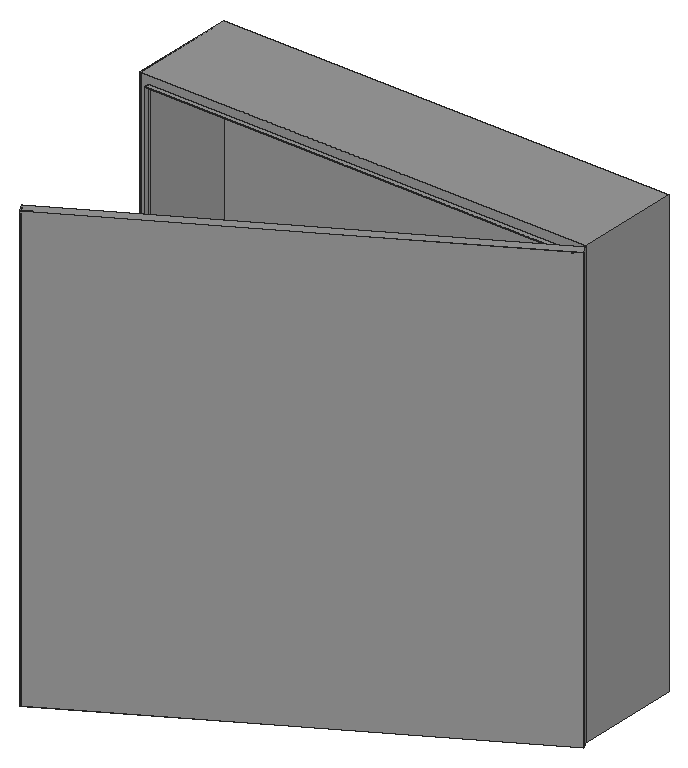
Revit family "Hager-Univers-IP54-D205-H800-Cl.I-Encl-NoHosted-CH-en", category Equipement électrique, Revit 2020
Family settings
  Configuration du panneau = Deux colonnes, circuits au sein
  Cote de connecteur circulaire = Utiliser le diamètre
  Type d'élément = Tableau de raccordement
  Basée sur le plan de construction = Oui
  Toujours verticalement = Oui
  Couper avec des vides une fois chargée = Non
  Partagée = Non
  Point de calcul de pièce = Non
Parameters (values of type "Surface mounted (plaster) IP54 W800 H800 D205  - FP53TW2")
  Width Control [instance] = if([EF000008 - Width] > Min Width, [EF000008 - Width], Min Width)  # 800 mm
  Commentaires du type = [HG000003 - Range]  # "Univers"
  Thickness Door [instance] = if([EF009171 - Material plate thickness door/cover] > 3 mm, 3 mm, [EF009171 - Material plate thickness door/cover])  # 1 mm
  Seal Frame Offset [instance] = 17 mm  # constant formula
  Plinth Visibility [instance] = [HG000027 - Plinth height] > 0 mm  # no
  Min Width [instance] = 100 mm  # constant formula
  Min Depth [instance] = (2 * [EF009170 - Material plate thickness cabinet]) + 1 mm  # 3 mm
  Min Height [instance] = 100 mm  # constant formula
  Internal Frame Depth [instance] = (Door System Depth * 0.5)  # 9 mm
  Panel Name [instance] = ""  # (empty or 0)
  Model = ""
  HG000027 - Plinth height = 0 mm
  HG000026 - Floor standing = no
  HG000024 - Bottom section height = 600 mm
  HG000023 - Double section enclosure = no
  HG000016 - Door 3d visibility [instance] = yes
  HG000015 - Clearance visibility [instance] = no
  HG000014 - Door on the right [instance] = yes
  HG000013 - Door on the left [instance] = not([HG000014 - Door on the right])  # no
  HG000012 - Door swing angle [instance] = 30.00°
  HG000010 - Asymmetric doors = no
  HG000009 - Double swing door = no
  HG000006 - Flush mounted = no
  HG000004 - Manufacturer reference = "FP53TW2"
  HG000003 - Range = "Univers"
  HG000002 - With door or cover = yes
  Frame Offset Bottom [instance] = 10 mm  # constant formula
  Frame Offset [instance] = 15 mm  # constant formula
  EF015940 - Cover with overpressure release = no
  EF011959 - Degree of protection (NEMA) = ""
  EF009554 - Number of openings for flange plates = 6
  EF009212 - Cover model = "EV000116 - Closed"
  EF009171 - Material plate thickness door/cover = 1 mm
  EF009170 - Material plate thickness cabinet = 1 mm
  EF008873 - Nominal current (In) = 250 A
  EF007800 - Suitable for lightning protection = no
  EF006306 - With lock = no
  EF006244 - Transparent cover/door = no
  EF005474 - Degree of protection (IP) = "EV006419 - IP54"
  EF004464 - Type of door = "EV002646 - Single"
  EF004427 - Number of modules = 180
  EF004293 - Impact strength = "EV006815 - IK09"
  EF003532 - Suitable for outdoor use = no
  EF002950 - Width in number of modular spacings = 36
  EF001613 - Circuit integrity = "EV000494 - None"
  EF001596 - Material housing = "EV000179 - Steel"
  EF001131 - Internal depth = 205 mm
  EF001088 - Extension possible = yes
  EF000437 - Number of conduit inlets = 6
  EF000339 - Type of cover = "EV001012 - Cover"
  EF000266 - Number of rows = 5
  EF000218 - Built-in depth = 205 mm
  EF000118 - With mounting plate = no
  EF000116 - RAL-number = "9010"
  EF000049 - Depth = 205 mm
  EF000040 - Height = 800 mm
  EF000008 - Width = 800 mm
  EF000007 - Colour = "EV000202 - White"
  EF000003 - Mounting method = "EV000384 - Surface mounted (plaster)"
  Door System Leaf Tolerance [instance] = 1.5 mm  # constant formula
  Door System Depth [instance] = 18 mm  # constant formula
  Door Height [instance] = Height Control - [HG000027 - Plinth height]  # 800 mm
  Description = ""
  Default Elevation = 1219.2 mm
  Connector Offset [instance] = Height Control / 2  # 400 mm
  Fabricant = "Hager"  # constant formula
  Height Control [instance] = if([EF000040 - Height] > Min Height, [EF000040 - Height], Min Height)  # 800 mm
  Depth Control [instance] = if([EF000049 - Depth] > Min Depth, [EF000049 - Depth], Min Depth)  # 205 mm
  Bottom Top Plate Trim [instance] = 1.5 mm  # constant formula
  Plinth height Ctrl [instance] = if([HG000027 - Plinth height] > 0 mm, [HG000027 - Plinth height], 12 mm)  # 12 mm
Types (5, lengths in mm): name | Width Control | HG000004 - Manufacturer reference | EF009554 - Number of openings for flange plates | EF004464 - Type of door | EF004427 - Number of modules | EF002950 - Width in number of modular spacings | EF000437 - Number of conduit inlets | EF000008 - Width
  Surface mounted (plaster) IP54 W1050 H800 D205  - FP54TW2 | 1050 | "FP54TW2" | 8 | "EV003602 - Double" | 240 | 48 | 8 | 1050
  Surface mounted (plaster) IP54 W1300 H800 D205  - FP55TW2 | 1300 | "FP55TW2" | 10 | "EV003602 - Double" | 300 | 60 | 10 | 1300
  Surface mounted (plaster) IP54 W300 H800 D205  - FP51TW2 | 300 | "FP51TW2" | 2 | "EV002646 - Single" | 60 | 12 | 2 | 300
  Surface mounted (plaster) IP54 W550 H800 D205  - FP52TW2 | 550 | "FP52TW2" | 4 | "EV002646 - Single" | 120 | 24 | 4 | 550
  Surface mounted (plaster) IP54 W800 H800 D205  - FP53TW2 | 800 | "FP53TW2" | 6 | "EV002646 - Single" | 180 | 36 | 6 | 800
Reference planes
  plane 1 "Center (Front/Back)": y = 0
  plane 2: z = 0
  plane 3 "Center (Left/Right)": x = 0
  plane 4: y = 0
  plane 5: y = 0
  plane 6: z = 0
  plane 7: x = -400
  plane 8: x = 400
  plane 9: x = 399
  plane 10: x = -399
  plane 11: z = 0
  plane 12: z = 1
  plane 13: y = -205
  plane 14: y = -1
  plane 15: x = 0
  plane 16: y = -187
  plane 17: y = -204
  plane 18: y = -186
  plane 19: x = -384
  plane 20: x = 384
  plane 21: z = 11
  plane 22: x = -383
  plane 23: x = 383
  plane 24: z = 0
  plane 25: z = 800
  plane 26: z = 800
  plane 27: z = 784
  plane 28: z = 799
Forms (mm)
  Extrusion 1, solid, material "Hager_Steel_RAL7035_Light_Grey", detail levels medium+fine
    sketch origin (-208.679, -4572, 0) x (-1, 0, 0) y (0, -1, 0)
      loop
        line (191.321, -4385) -> (-608.679, -4385) -> (-608.679, -4572) -> (191.321, -4572) -> (191.321, -4385)
    from 0 to 800
  Extrusion 2, void
    sketch origin (-350.771, -205, 1219.2) x (1, 0, 0) y (0, 0, 1)
      loop
        line (-48.229, -420.2) -> (-48.229, -1218.2) -> (749.771, -1218.2) -> (749.771, -420.2) -> (-48.229, -420.2)
    from -19 to -204
  Extrusion 3, void
    sketch origin (-290.084, -187, 1219.2) x (1, 0, 0) y (0, 0, 1)
      loop
        line (-93.916, -1208.2) -> (674.084, -1208.2) -> (674.084, -435.2) -> (-93.916, -435.2) -> (-93.916, -1208.2)
    from 0 to -1
  Extrusion 4, solid, material "Hager_Steel_RAL7035_Light_Grey", visible <- "Plinth Visibility", detail levels medium+fine
    sketch origin (0, 0, 0) x (1, 0, 0) y (0, 1, 0)
      loop
        line (-400, 0) -> (-400, -187) -> (400, -187) -> (400, 0) -> (-400, 0)
    from 0 to 12 <- "Plinth height Ctrl"
  Extrusion 5, solid, material "Hager_Steel_RAL7035_Light_Grey", detail levels coarse
    sketch origin (0, 0, 0) x (1, 0, 0) y (0, 1, 0)
      loop
        line (-400, 0) -> (-400, -205) -> (400, -205) -> (400, 0) -> (-400, 0)
    from 0 to 800 <- "Height Control"
  Sweep 6, void
    path in 3D
      loop
        line (-400, -187, 12) -> (400, -187, 12) -> (400, 0, 12) -> (-400, 0, 12) -> (-400, -187, 12)
    profile origin (-400, -93.5, 12) x (1, 0, 0) y (0, 0, 1)
      loop
        line (0, 0) -> (0, -1.5) -> (1.5, -1.5)
        arc (1.5, -1.5) -> (1.061, -0.439) -> (0, 0) r 1.5
  Extrusion 7, solid, material "Hager_Steel_RAL7035_Light_Grey", detail levels fine
    sketch origin (-400, -187, 0) x (1, 0, 0) y (0, 0, 1)
      loop
        line (16, 11) -> (784, 11) -> (784, 784) -> (16, 784) -> (16, 11)
      loop
        line (15, 10) -> (785, 10) -> (785, 785) -> (15, 785) -> (15, 10)
    from 0 to 9 <- "Internal Frame Depth"
Cuts and joins
  Extrusion 2, Extrusion 3 cuts Extrusion 1
  Sweep 6 cuts Extrusion 4
Lines and regions (mm)
  Masking region 1
    outline origin (0, 0, 0) x (1, 0, 0) y (0, 1, 0)
      loop
        line (-400, 0) -> (-400, -205) -> (400, -205) -> (400, 0) -> (-400, 0)
  Masking region 2, detail levels coarse
    outline origin (-290.084, -187, 1219.2) x (-1, 0, 0) y (0, 0, 1)
      loop
        line (-690.084, -1219.2) -> (109.916, -1219.2) -> (109.916, -419.2) -> (-690.084, -419.2) -> (-690.084, -1219.2)
  Masking region 3, detail levels coarse
    outline origin (0, 0, 0) x (0, 1, 0) y (0, 0, 1)
      loop
        line (0, 0) -> (0, 800) -> (-205, 800) -> (-205, 0) -> (0, 0)
  Masking region 4, visible <- "Plinth Visibility", detail levels medium+fine
    outline origin (0, 0, 0) x (0, 1, 0) y (0, 0, 1)
      loop
        line (-1.5, 12) -> (-185.5, 12)
        arc (-185.5, 12) -> (-185.939, 10.939) -> (-187, 10.5) r 1.5
        line (-187, 10.5) -> (-187, 0) -> (0, 0) -> (0, 10.5)
        arc (0, 10.5) -> (-1.061, 10.939) -> (-1.5, 12) r 1.5
  Masking region 5, detail levels medium+fine
    outline origin (0, 0, 594.038) x (0, 1, 0) y (0, 0, 1)
      loop
        line (0, -594.038) -> (0, 205.962) -> (-187, 205.962) -> (-187, -594.038) -> (0, -594.038)
  Masking region 6, detail levels medium+fine
    outline origin (-359.7, -187, 1211.883) x (-1, 0, 0) y (0, 0, 1)
      loop
        line (-759.7, -1211.883) -> (40.3, -1211.883) -> (40.3, -411.883) -> (-759.7, -411.883) -> (-759.7, -1211.883)
  Masking region 7, visible <- "Plinth Visibility", detail levels medium+fine
    outline origin (-320.334, -187, 1041.368) x (-1, 0, 0) y (0, 0, 1)
      loop
        line (-720.334, -1041.368) -> (79.666, -1041.368) -> (79.666, -1030.868)
        arc (79.666, -1030.868) -> (78.606, -1030.429) -> (78.166, -1029.368) r 1.5
        line (78.166, -1029.368) -> (-718.834, -1029.368)
        arc (-718.834, -1029.368) -> (-719.273, -1030.429) -> (-720.334, -1030.868) r 1.5
        line (-720.334, -1030.868) -> (-720.334, -1041.368)
  sketch lines
    curve 1: line (-400, 0, 12) -> (-400, -187, 12)
    curve 2: line (-400, -187, 12) -> (400, -187, 12)
    curve 3: line (400, 0, 12) -> (-400, 0, 12)
    curve 4: line (400, -187, 12) -> (400, 0, 12)
Dimensions and locks
  locked: plane 1 "Center (Front/Back)" to plane 5
  "EF009170 - Material plate thickness cabinet": plane 7 to plane 10
  "EF009170 - Material plate thickness cabinet": plane 8 to plane 9
  equal spacing: plane 7, plane 3 "Center (Left/Right)", plane 8
  "Width Control": plane 7 to plane 8
  "Depth Control": plane 4 to plane 13
  "EF009170 - Material plate thickness cabinet": plane 4 to plane 14
  "Height Control": plane 25 to level
  "HG000027 - Plinth height": plane 11 to level
  "EF009170 - Material plate thickness cabinet": plane 12 to plane 11
  "EF009170 - Material plate thickness cabinet": plane 17 to plane 13
  "EF009170 - Material plate thickness cabinet": plane 18 to plane 16
  "Frame Offset Bottom": plane 21 to plane 12
  "Frame Offset": plane 10 to plane 19
  "Frame Offset": plane 9 to plane 20
  "Door System Depth": plane 16 to plane 13
  "Seal Frame Offset": plane 7 to plane 22
  "Seal Frame Offset": plane 8 to plane 23
  "EF009170 - Material plate thickness cabinet": plane 26 to plane 28
  "Frame Offset": plane 28 to plane 27
  "Connector Offset": plane 2 to connector elem
  "Bottom Top Plate Trim": profile plane to Sweep 6 sketch curve
  "Bottom Top Plate Trim": Sweep 6 sketch curve to Sweep 6 sketch curve
  "Plinth height Ctrl": Masking region 4 sketch curve to level
  "Plinth height Ctrl": Masking region 7 sketch curve to level
  "Thickness Door": Extrusion 7 sketch curve to Extrusion 7 sketch curve  (x4)
  "Bottom Top Plate Trim": radius of Sweep 6 sketch curve
  "Bottom Top Plate Trim": radius of Masking region 4 sketch curve  (x2)
  "Bottom Top Plate Trim": radius of Masking region 7 sketch curve  (x2)
  aligned and locked: Extrusion 2 sketch curve to plane 12
  aligned and locked: Extrusion 2 sketch curve to plane 9
  aligned and locked: Extrusion 2 sketch curve to plane 10
  aligned and locked: Extrusion 2 to plane 14
  aligned and locked: Extrusion 1 sketch curve to plane 4
  aligned and locked: plane 8 to Extrusion 1 sketch curve
  aligned and locked: plane 7 to Extrusion 1 sketch curve
  aligned and locked: Extrusion 2 to plane 18
  aligned and locked: Extrusion 3 sketch curve to plane 19
  aligned and locked: plane 20 to Extrusion 3 sketch curve
  aligned and locked: Extrusion 3 to Extrusion 2
  aligned and locked: Extrusion 3 sketch curve to plane 21
  aligned and locked: plane 3 "Center (Left/Right)" to nested 1
  aligned and locked: Extrusion 1 sketch curve to plane 16
  aligned and locked: Extrusion 4 sketch curve to cut or joined group of Extrusion 1, Extrusion 2, Extrusion 3
  aligned and locked: Masking region 1 sketch curve to plane 7
  aligned and locked: Masking region 1 sketch curve to plane 5
  aligned and locked: Masking region 1 sketch curve to plane 8
  aligned and locked: Masking region 2 sketch curve to level
  aligned and locked: level to Masking region 3 sketch curve
  aligned and locked: plane 1 "Center (Front/Back)" to Masking region 3 sketch curve
  aligned and locked: plane 13 to Masking region 3 sketch curve
  aligned and locked: plane 5 to Masking region 4 sketch curve
  aligned and locked: Masking region 2 sketch curve to plane 8
  aligned and locked: Masking region 2 sketch curve to plane 7
  aligned and locked: plane 7 to nested 2
  aligned and locked: nested 2 to plane 5
  aligned and locked: plane 5 to Masking region 5 sketch curve
  aligned and locked: plane 26 to Masking region 5 sketch curve
  aligned and locked: Extrusion 5 sketch curve to plane 8
  aligned and locked: Extrusion 5 sketch curve to plane 7
  aligned and locked: Extrusion 5 sketch curve to plane 5
  aligned and locked: Extrusion 3 sketch curve to plane 27
  aligned and locked: Extrusion 2 sketch curve to plane 28
  aligned and locked: Masking region 2 to plane 25
  aligned and locked: Extrusion 4 to plane 16
  aligned and locked: profile plane to Sweep 6 sketch curve
  aligned and locked: Masking region 5 sketch curve to plane 24
  aligned and locked: level to Masking region 4 sketch curve
  aligned and locked: Masking region 1 to plane 13
  aligned and locked: nested 1 to plane 16
  aligned and locked: Masking region 3 to plane 25
  aligned and locked: plane 16 to Masking region 4 sketch curve
  aligned and locked: Masking region 5 sketch curve to plane 16
  aligned and locked: plane 24 to plane 11
  aligned and locked: plane 26 to plane 25
  aligned and locked: plane 26 to cut or joined group of Extrusion 1, Extrusion 2, Extrusion 3
  aligned and locked: nested 1 to plane 24
  aligned and locked: Extrusion 1 to Extrusion 3
  aligned and locked: Masking region 6 sketch curve to plane 8
  aligned and locked: Masking region 6 sketch curve to plane 24
  aligned and locked: Masking region 6 sketch curve to plane 7
  aligned and locked: Masking region 6 sketch curve to plane 26
  aligned and locked: Masking region 7 sketch curve to plane 7
  aligned and locked: level to Masking region 7 sketch curve
  aligned and locked: Masking region 7 sketch curve to plane 8
  aligned and locked: Extrusion 7 sketch curve to cut or joined group of Extrusion 1, Extrusion 2, Extrusion 3  (x4)
Automatic sketch dimensions
  plane 19 to Extrusion 3 sketch curve = 0 mm
  Extrusion 3 sketch curve to plane 20 = 0 mm
  Extrusion 3 sketch curve to plane 21 = 0 mm
  Extrusion 4 sketch curve to plane 7 = 0 mm
  Extrusion 4 sketch curve to plane 8 = 0 mm
  Extrusion 4 sketch curve to plane 16 = 0 mm
  Masking region 1 sketch curve to plane 13 = 0 mm
  Masking region 2 sketch curve to plane 25 = 0 mm
  Masking region 3 sketch curve to plane 25 = 0 mm
  Extrusion 5 sketch curve to plane 13 = 0 mm
  profile plane to Sweep 6 sketch curve = 0 mm
Nested families
  nested 1: "EC000058_Univers_Door" at (0, -187, 0), Double <- "HG000009 - Double swing door", Transparent <- "EF006244 - Transparent cover/door", Angle <- "HG000012 - Door swing angle", Door_Right <- "HG000014 - Door on the right", Assymetrical <- "HG000010 - Asymmetric doors", Door <- "HG000002 - With door or cover", Width_Ctrl <- "Width Control", 3d_Door <- "HG000016 - Door 3d visibility", Clearance <- "HG000015 - Clearance visibility", Door_Left <- "HG000013 - Door on the left", Width <- "Width Control", Door_Depth <- "Door System Depth", Leaf_Tolerance <- "Door System Leaf Tolerance", Height <- "Door Height", Lock_Visibility <- "EF006306 - With lock", Thickness <- "Thickness Door", type "EC000058_Univers_Door", detail levels medium+fine
    with min_wh 3 mm, Width_Ctrl 800 mm, Width 800 mm, Transparent no, Thickness 1 mm, Seal_Material Hager_Rubber, Lock_Visibility no, Lock_Material Hager_Plastic_RAL9005_Jet_Black, Leaf_Width 800 mm, Leaf_Tolerance_External_Sides 0 mm, Leaf_Tolerance 1.5 mm, Leaf_Offset 0 mm, Leaf_Height 797 mm, Leaf_2_Width 800 mm, Leaf_2_Offset 400 mm, Leaf_1_Width 800 mm, Leaf_1_Offset 400 mm, Height_Ctrl 800 mm, Height 800 mm, Glass_Material Hager_Glass, Double_Clearance_Ctrl no, Double no, Door_Right_Ctrl yes, Door_Right yes, Door_Material Hager_Steel_RAL7035_Light_Grey, Door_Left_Ctrl no, Door_Left no, Door_Depth 18 mm, Door yes, Clearance_Material Hager_Clearance, Clearance_Depth 800 mm, Clearance_Ctrl no, Clearance no, Assymetrical no, Angle 30.00°, 3d_Door yes
  nested 2: "Hager_Enclosure_Symbol" at (-400, 0, 0), Height <- "Depth Control", Width <- "Width Control", type "Hager_Enclosure_Symbol"
    with Width_Ctrl 800 mm, Width 800 mm, Height_Ctrl 205 mm, Height 205 mm, A_Width_Int 13.453 mm, A_Width 161.438 mm, A_Height_Ctrl 179.375 mm, A_Height 179.375 mm
Connectors
  electrical at (0, 0, 400)
    settings: on plane 1 "Center (Front/Back)", index 1, voltage 0 V, apparent load 0 VA, apparent load phase1 0 VA, apparent load phase2 0 VA, apparent load phase3 0 VA, power factor 1, load classification "Other", number of poles 1, system type 30, power factor state 1, is connector primary yes, connector utility no, sub classification motor no, connector description ""
Definition of nested family "EC000058_Univers_Door"
  Parameters (values of type "EC000058_Univers_Door")
    min_wh [instance] = (2 * Thickness) + 1 mm  # 11 mm
    Width_Ctrl [instance] = 400 mm
    Width [instance] = 500 mm
    Transparent [instance] = yes
    Thickness [instance] = 5 mm
    Seal_Material [instance] = none
    Lock_Visibility [instance] = yes
    Lock_Material [instance] = none
    Leaf_Width [instance] = if((Width_Ctrl - 2 * Leaf_Tolerance_External_Sides) > 0 mm, (Width_Ctrl - 2 * Leaf_Tolerance_External_Sides), min_wh)  # 400 mm
    Leaf_Tolerance_External_Sides [instance] = 0 mm  # constant formula
    Leaf_Tolerance [instance] = 1.5 mm
    Leaf_Offset [instance] = 0 mm  # constant formula
    Leaf_Height [instance] = if((Height_Ctrl - 2 * Leaf_Tolerance) > 0 mm, (Height_Ctrl - 2 * Leaf_Tolerance), min_wh)  # 497 mm
    Leaf_2_Width [instance] = if(and(and(Double, Assymetrical), Door_Left), (Leaf_Width / 3) - (Leaf_Tolerance / 2), if(and(and(Double, Assymetrical), Door_Right), (Leaf_Width / 3) * 2 - (Leaf_Tolerance / 2), if(and(Double, not(Assymetrical)), (Leaf_Width / 2) - Leaf_Tolerance, Leaf_Width)))  # 400 mm
    Leaf_2_Offset [instance] = if(and(Double, Assymetrical), Leaf_2_Width / 2, if(and(Double, not(Assymetrical)), Leaf_Width / 4, Leaf_Width / 2))  # 200 mm
    Leaf_1_Width [instance] = if(and(and(Double, Assymetrical), Door_Right), (Leaf_Width / 3) - (Leaf_Tolerance / 2), if(and(and(Double, Assymetrical), Door_Left), (Width / 3) * 2 - (Leaf_Tolerance / 2), if(and(Double, not(Assymetrical)), (Leaf_Width / 2) - Leaf_Tolerance, Leaf_Width)))  # 400 mm
    Leaf_1_Offset [instance] = if(and(Double, Assymetrical), Leaf_1_Width / 2, if(and(Double, not(Assymetrical)), Leaf_Width / 4, Leaf_Width / 2))  # 200 mm
    Height_Ctrl [instance] = if(Height > min_wh, Height, min_wh)  # 500 mm
    Height [instance] = 500 mm
    Glass_Material [instance] = none
    Double_Clearance_Ctrl [instance] = and(Double, Clearance)  # no
    Double [instance] = no
    Door_Right_Ctrl [instance] = and(or(Door_Right, Double), Door)  # yes
    Door_Right [instance] = yes
    Door_Material [instance] = none
    Door_Left_Ctrl [instance] = and(or(Door_Left, Double), Door)  # no
    Door_Left [instance] = no
    Door_Depth [instance] = 30 mm
    Door [instance] = yes
    Default Elevation = 1219.2 mm
    Clearance_Material [instance] = none
    Clearance_Depth [instance] = if(Leaf_1_Width > Leaf_2_Width, Leaf_1_Width, Leaf_2_Width)  # 400 mm
    Clearance_Ctrl [instance] = and(not(Double), Clearance)  # yes
    Clearance [instance] = yes
    Assymetrical [instance] = yes
    Angle [instance] = 30.00°
    3d_Door [instance] = yes
  Reference planes
    plane 1 "Center (Front/Back)": y = 0
    plane 2 "Bottom": z = 0
    plane 3 "Center (Left/Right)": x = 0
    plane 4: z = 500
    plane 5: x = -200
    plane 6: x = 200
    plane 7: z = 500
    plane 8: x = -200
    plane 9: z = 0
    plane 10: x = 200
    plane 11: y = 0
    plane 12: z = 1.5
    plane 13: x = -600
    plane 14: y = -400
    plane 15: x = 600
    plane 16: x = 0
    plane 17: x = 0
    plane 18: x = -200
    plane 19: x = 200
    plane 20: z = 498.5
  Forms (mm)
    Extrusion 1, solid, material <- "Clearance_Material", visible <- "Double_Clearance_Ctrl"
      sketch origin (1200, 0, 0) x (1, 0, 0) y (0, 0, -1)
        loop
          line (-1800, -498.5) -> (-600, -498.5) -> (-600, 0) -> (-1800, 0) -> (-1800, -498.5)
      from 0 to -400
  Dimensions and locks
    equal spacing: plane 5, plane 3 "Center (Left/Right)", plane 6
    "Width_Ctrl": plane 5 to plane 6
    "Leaf_Offset": plane 5 to plane 8
    "Leaf_Offset": plane 6 to plane 10
    "Leaf_Offset": plane 9 to level
    "Leaf_Offset": plane 4 to plane 7
    "Height_Ctrl": plane 4 to level
    "Leaf_Tolerance": plane 12 to plane 9
    locked: plane 11 to plane 1 "Center (Front/Back)"
    "Leaf_1_Offset": plane 18 to plane 16
    "Leaf_2_Offset": plane 17 to plane 19
    "Leaf_1_Width": plane 13 to plane 8
    "Leaf_2_Width": plane 10 to plane 15
    "Clearance_Depth": plane 14 to plane 1 "Center (Front/Back)"
    "Leaf_Tolerance_External_Sides": plane 8 to plane 18
    "Leaf_Tolerance_External_Sides": plane 19 to plane 10
    "Leaf_Tolerance": plane 7 to plane 20
    aligned and locked: level to plane 2 "Bottom"
    aligned and locked: nested 1 to plane 16
    aligned and locked: nested 2 to plane 17
    aligned and locked: Extrusion 1 to plane 13
    aligned and locked: plane 15 to Extrusion 1
    aligned and locked: Extrusion 1 to plane 14
    aligned and locked: plane 12 to nested 1
    aligned and locked: nested 2 to plane 12
    aligned and locked: Extrusion 1 to plane 11
    aligned and locked: plane 20 to Extrusion 1
    aligned and locked: nested 2 to plane 11
    aligned and locked: nested 1 to plane 11
  Automatic sketch dimensions
    Extrusion 1 sketch curve to level = 0 mm
    plane 5 to Extrusion 1 sketch curve = 400 mm
    plane 6 to Extrusion 1 sketch curve = 400 mm
    Extrusion 1 sketch curve to plane 4 = 1.5 mm
  Nested families
    nested 1: "EC000058_Univers_Door_Leaf" at (0, 0, 1.5), Width <- "Leaf_1_Width", visible <- "Door_Left_Ctrl", Leaf_Height <- "Leaf_Height", Angle <- "Angle", 3d_Door <- "3d_Door", Transparent <- "Transparent", Clearance Material <- "Clearance_Material", Clearance <- "Clearance_Ctrl", Door_Material <- "Door_Material", Glass_Material <- "Glass_Material", Door_Depth <- "Door_Depth", Lock_Material <- "Lock_Material", Seal_Material <- "Seal_Material", Lock_Visibility <- "Lock_Visibility", Thickness <- "Thickness", type "EC000058_Univers_Door_Leaf"
      with Width 400 mm, Transparent_Glass_Offset 30 mm, Transparent_Ctrl yes, Transparent yes, Thickness 5 mm, Standard no, Seal_Material none, Seal_D2 8 mm, Seal_D1 1 mm, Offset_Internal_Frame 10 mm, Lock_Width 20 mm, Lock_Visibility_3d yes, Lock_Visibility yes, Lock_Thickness_3 3 mm, Lock_Thickness_2 1 mm, Lock_Thickness_1 3 mm, Lock_Radius_Offset_2 16 mm, Lock_Radius_Offset_1 15 mm, Lock_Radius_2 5 mm, Lock_Radius 6 mm, Lock_Offset 5 mm, Lock_Material none, Lock_Height 80 mm, Lock_Cover_Top_Offset_2d 17 mm, Lock_Cover_Height -65 mm, Leaf_Height 497 mm, Internal_Seal_Thickness 8 mm, Internal_Seal_Depth_2 4.5 mm, Internal_Frame_Depth 25 mm, Glass_Thickness -1 mm, Glass_Offset -2 mm, Glass_Material none, Door_Material none, Door_Depth 30 mm, Clearance Material none, Clearance yes, Angle_Ctrl 30.00°, Angle 30.00°, 3d_Door yes
    nested 2: "EC000058_Univers_Door_Leaf" at (0, 0, 1.5) x (-1, 0, 0) z (0, 0, 1), Width <- "Leaf_2_Width", visible <- "Door_Right_Ctrl", Leaf_Height <- "Leaf_Height", Angle <- "Angle", 3d_Door <- "3d_Door", Transparent <- "Transparent", Clearance Material <- "Clearance_Material", Clearance <- "Clearance_Ctrl", Door_Material <- "Door_Material", Glass_Material <- "Glass_Material", Door_Depth <- "Door_Depth", Lock_Material <- "Lock_Material", Seal_Material <- "Seal_Material", Lock_Visibility <- "Lock_Visibility", Thickness <- "Thickness", type "EC000058_Univers_Door_Leaf"
      with Width 400 mm, Transparent_Glass_Offset 30 mm, Transparent_Ctrl yes, Transparent yes, Thickness 5 mm, Standard no, Seal_Material none, Seal_D2 8 mm, Seal_D1 1 mm, Offset_Internal_Frame 10 mm, Lock_Width 20 mm, Lock_Visibility_3d yes, Lock_Visibility yes, Lock_Thickness_3 3 mm, Lock_Thickness_2 1 mm, Lock_Thickness_1 3 mm, Lock_Radius_Offset_2 16 mm, Lock_Radius_Offset_1 15 mm, Lock_Radius_2 5 mm, Lock_Radius 6 mm, Lock_Offset 5 mm, Lock_Material none, Lock_Height 80 mm, Lock_Cover_Top_Offset_2d 17 mm, Lock_Cover_Height -65 mm, Leaf_Height 497 mm, Internal_Seal_Thickness 8 mm, Internal_Seal_Depth_2 4.5 mm, Internal_Frame_Depth 25 mm, Glass_Thickness -1 mm, Glass_Offset -2 mm, Glass_Material none, Door_Material none, Door_Depth 30 mm, Clearance Material none, Clearance yes, Angle_Ctrl 30.00°, Angle 30.00°, 3d_Door yes
  Definition of nested family "EC000058_Univers_Door_Leaf"
    Parameters (values of type "EC000058_Univers_Door_Leaf")
      Width [instance] = 2000 mm
      Transparent_Glass_Offset [instance] = 30 mm
      Transparent_Ctrl [instance] = and(Transparent, [3d_Door])  # yes
      Transparent [instance] = yes
      Thickness [instance] = 5 mm
      Standard [instance] = and(not(Transparent), [3d_Door])  # no
      Seal_Material [instance] = none
      Seal_D2 [instance] = 8 mm  # constant formula
      Seal_D1 [instance] = 1 mm  # constant formula
      Offset_Internal_Frame [instance] = 10 mm  # constant formula
      Lock_Width [instance] = 20 mm  # constant formula
      Lock_Visibility_3d [instance] = and(Lock_Visibility, [3d_Door])  # yes
      Lock_Visibility [instance] = yes
      Lock_Thickness_3 [instance] = 3 mm  # constant formula
      Lock_Thickness_2 [instance] = 1 mm  # constant formula
      Lock_Thickness_1 [instance] = 3 mm  # constant formula
      Lock_Radius_Offset_2 [instance] = Lock_Radius_Offset_1 + 1 mm  # 16 mm
      Lock_Radius_Offset_1 [instance] = 15 mm  # constant formula
      Lock_Radius_2 [instance] = Lock_Radius - 1 mm  # 5 mm
      Lock_Radius [instance] = 6 mm  # constant formula
      Lock_Offset [instance] = 5 mm  # constant formula
      Lock_Material [instance] = none
      Lock_Height [instance] = 80 mm  # constant formula
      Lock_Cover_Top_Offset_2d [instance] = Lock_Radius_Offset_2 + 1 mm  # 17 mm
      Lock_Cover_Height [instance] = -(Lock_Height - Lock_Radius_Offset_1)  # -65 mm
      Leaf_Height [instance] = 2720.336 mm
      Internal_Seal_Thickness [instance] = 8 mm  # constant formula
      Internal_Seal_Depth_2 [instance] = 4.5 mm  # constant formula
      Internal_Frame_Depth [instance] = if(Door_Depth - Thickness > 5 mm, Door_Depth - Thickness, 5 mm)  # 25 mm
      Glass_Thickness [instance] = if(Thickness > 15 mm, Glass_Offset + 10 mm, -1 mm)  # -1 mm
      Glass_Offset [instance] = if(Thickness > 15 mm, -(Thickness + 10 mm) / 2, -2 mm)  # -2 mm
      Glass_Material [instance] = none
      Door_Material [instance] = none
      Door_Depth [instance] = 30 mm
      Default Elevation = 0 mm
      Clearance Material [instance] = none
      Clearance [instance] = yes
      Angle_Ctrl [instance] = if(Angle > 180.00°, 180.00°, Angle)  # 90.00°
      Angle [instance] = 90.00°
      3d_Door [instance] = yes
    Reference planes
      plane 1 "Center (Front/Back)": y = 0
      plane 2: z = 0
      plane 3 "Center (Left/Right)": x = 0
      plane 4: y = 2000
      plane 5: x = -1000
      plane 6: x = 1000
      plane 7: x = -3000
      plane 8: z = 2720.336
      plane 9: z = 30
      plane 10: z = 2690.336
      plane 11: x = 970
      plane 12: x = -970
      plane 13: y = -3
      plane 14: z = 107.833
      plane 15: y = -5
      plane 16: y = -223.314
      plane 17: x = -1000
      plane 18: z = 1360.168
      plane 19: y = 30
    Forms (mm)
      Extrusion 1, solid, material <- "Clearance Material", visible <- "Clearance"
        sketch origin (0, 0, 0) x (1, 0, 0) y (0, 0, 1)
          loop
            line (-3000, 2720.336) -> (-3000, 0) -> (1000, 0) -> (1000, 2720.336) -> (-3000, 2720.336)
        from 0 to -2000
      Extrusion 2, solid, material <- "Door_Material", visible <- "Standard", detail levels medium+fine
        sketch origin (-1000, 0, 0) x (0, 1, 0) y (-1, 0, 0)
          loop
            line (0, 30) -> (0, 25) -> (2000, 25) -> (2000, 30) -> (0, 30)
        from 0 to 2720.336 <- "Leaf_Height"
      Extrusion 3, solid, material <- "Door_Material", visible <- "Transparent_Ctrl", detail levels medium+fine
        sketch origin (-1000, 0, 0) x (0, 1, 0) y (-1, 0, 0)
          loop
            line (0, 25) -> (2000, 25) -> (2000, 30) -> (0, 30) -> (0, 25)
        from 0 to 2720.336 <- "Leaf_Height"
      Extrusion 4, void
        sketch origin (-1025, 2000, 0) x (0, 1, 0) y (0, 0, -1)
          loop
            line (-30, -2690.336) -> (-30, -30) -> (-1970, -30) -> (-1970, -2690.336) -> (-30, -2690.336)
        from 0 to 5 <- "Thickness"
      Sweep 5, solid, material <- "Seal_Material", visible <- "Transparent_Ctrl", detail levels fine
        path in 3D
          loop
            line (-1025, 30, 30) -> (-1025, 30, 2690.336) -> (-1025, 1970, 2690.336) -> (-1025, 1970, 30) -> (-1025, 30, 30)
        profile origin (-1025, 1000, 30) x (1, 0, 0) y (0, 0, 1)
          loop
            line (0, 0) -> (0, -8) -> (1, -8) -> (1, 0) -> (0, 0)
      Extrusion 6, solid, material <- "Glass_Material", visible <- "Transparent_Ctrl", detail levels medium+fine
        sketch origin (-1030, 0, 0) x (0, 1, 0) y (0, 0, -1)
          loop
            line (1970, -2690.336) -> (1970, -30) -> (30, -30) -> (30, -2690.336) -> (1970, -2690.336)
        from -2 <- "Glass_Offset" to -1 <- "Glass_Thickness"
      Extrusion 7, solid, material <- "Door_Material", visible <- "3d_Door", detail levels medium+fine
        sketch origin (-1025, 2000, 0) x (0, -1, 0) y (0, 0, -1)
          loop
            line (0, -2720.336) -> (2000, -2720.336) -> (2000, 0) -> (0, 0) -> (0, -2720.336)
          loop
            line (1995, -5) -> (5, -5) -> (5, -2715.336) -> (1995, -2715.336) -> (1995, -5)
        from 0 to 25 <- "Internal_Frame_Depth"
      Sweep 8, solid, material <- "Seal_Material", visible <- "Transparent_Ctrl", detail levels fine
        path in 3D
          loop
            line (-1025, 0, 0) -> (-1025, 2000, 0) -> (-1025, 2000, 2720.336) -> (-1025, 0, 2720.336) -> (-1025, 0, 0)
        profile origin (-1025, 0, 1360.168) x (1, 0, 0) y (0, 1, 0)
          loop
            line (0, 10) -> (2.975, 10)
            arc (2.975, 10) -> (4.053, 10.447) -> (4.5, 11.525) r 1.525
            line (4.5, 11.525) -> (4.5, 16.527)
            arc (4.5, 16.527) -> (4.069, 17.569) -> (3.027, 18) r 1.473
            line (3.027, 18) -> (0, 18) -> (0, 10)
      Extrusion 9, solid, material <- "Lock_Material", visible <- "Lock_Visibility_3d", detail levels fine
        sketch origin (-1030, 0, 0) x (0, 1, 0) y (0, 0, -1)
          loop
            arc (1993.5, -1400.168) -> (1994.561, -1399.729) -> (1995, -1398.668) r 1.5
            line (1995, -1398.668) -> (1995, -1320.168) -> (1975, -1320.168) -> (1975, -1398.668)
            arc (1975, -1398.668) -> (1975.439, -1399.729) -> (1976.5, -1400.168) r 1.5
            line (1976.5, -1400.168) -> (1993.5, -1400.168)
        from 3 <- "Lock_Thickness_1" to 0
      Blend 10, solid, material <- "Lock_Material", visible <- "Lock_Visibility_3d", detail levels fine
        base sketch origin (-1033, 0, 0) x (0, 1, 0) y (0, 0, -1)
          loop
            line (1975, -1320.168) -> (1975, -1398.668)
            arc (1975, -1398.668) -> (1975.439, -1399.729) -> (1976.5, -1400.168) r 1.5
            line (1976.5, -1400.168) -> (1993.5, -1400.168)
            arc (1993.5, -1400.168) -> (1994.561, -1399.729) -> (1995, -1398.668) r 1.5
            line (1995, -1398.668) -> (1995, -1320.168) -> (1975, -1320.168)
        top sketch origin (-1033, 0, 0) x (0, 1, 0) y (0, 0, -1)
          loop
            line (1976, -1320.168) -> (1976, -1398.668)
            arc (1976, -1398.668) -> (1976.146, -1399.022) -> (1976.5, -1399.168) r 0.5
            line (1976.5, -1399.168) -> (1993.5, -1399.168)
            arc (1993.5, -1399.168) -> (1993.854, -1399.022) -> (1994, -1398.668) r 0.5
            line (1994, -1398.668) -> (1994, -1320.168) -> (1976, -1320.168)
        from 0 to 1 <- "Lock_Thickness_2"
      Blend 11, solid, material <- "Lock_Material", visible <- "Lock_Visibility_3d", detail levels fine
        base sketch origin (-1034, 0, 0) x (0, 1, 0) y (0, 0, -1)
          loop
            line (1978, -1320.168) -> (1978, -1384.168)
            arc (1978, -1384.168) -> (1985, -1391.168) -> (1992, -1384.168) r 7
            line (1992, -1384.168) -> (1992, -1320.168) -> (1978, -1320.168)
        top sketch origin (-1034, 0, 0) x (0, 1, 0) y (0, 0, -1)
          loop
            line (1991, -1320.168) -> (1979, -1320.168) -> (1979, -1383.168)
            arc (1979, -1383.168) -> (1985, -1389.168) -> (1991, -1383.168) r 6
            line (1991, -1383.168) -> (1991, -1320.168)
        from 0 to 3 <- "Lock_Thickness_3"
      Extrusion 12, solid, material <- "Lock_Material", visible <- "Lock_Visibility_3d", detail levels fine
        sketch origin (-1030, 1975, 1320.168) x (1, 0, 0) y (0, -1, 0)
          loop
            line (-7, -19) -> (-7, -1) -> (0, -1) -> (0, 0) -> (-8, 0) -> (-8, -20) -> (0, -20) -> (0, -19) -> (-7, -19)
        from 0 to -65 <- "Lock_Cover_Height"
      Extrusion 13, void
        sketch origin (-1038, 1995, 1320.168) x (-1, 0, 0) y (0, 0, -1)
          loop
            line (-5, -65) -> (0, -65) -> (-5, -60) -> (-5, -65)
        from 0 to 20 <- "Lock_Width"
      Extrusion 14, void
        sketch origin (-1038, 1975, 1320.168) x (0, -1, 0) y (0, 0, -1)
          loop
            circle (-10, -15.995) r 6
          loop
            circle (-10, -15.995) r 5
        from 0 to 2
      Extrusion 15, solid, material <- "Lock_Material", visible <- "Lock_Visibility_3d", detail levels medium
        sketch origin (-1030, 0, 0) x (0, 1, 0) y (0, 0, -1)
          loop
            arc (1993.5, -1400.168) -> (1994.561, -1399.729) -> (1995, -1398.668) r 1.5
            line (1995, -1398.668) -> (1995, -1320.168) -> (1975, -1320.168) -> (1975, -1398.668)
            arc (1975, -1398.668) -> (1975.439, -1399.729) -> (1976.5, -1400.168) r 1.5
            line (1976.5, -1400.168) -> (1993.5, -1400.168)
        from 8 to 0
    Cuts and joins
      Extrusion 4 cuts Extrusion 3
      Extrusion 13, Extrusion 14 cuts Extrusion 9
      Extrusion 14 cuts Blend 11
      Extrusion 13, Extrusion 14 cuts Extrusion 12
      joined: Extrusion 9, Blend 10, Blend 11, Extrusion 12
      Extrusion 14 cuts Extrusion 15
    Lines and regions (mm)
      Masking region 1, visible <- "Lock_Visibility", detail levels fine
        outline origin (0, 0, 0) x (0, 1, 0) y (0, 0, 1)
          loop
            line (30, 1320.168) -> (33, 1320.168) -> (33, 1400.168) -> (30, 1400.168) -> (30, 1320.168)
      Masking region 2, visible <- "Lock_Visibility", detail levels fine
        outline origin (0, 3.143, 0) x (0, 1, 0) y (0, 0, 1)
          loop
            line (29.857, 1354.168) -> (30.857, 1354.168) -> (30.857, 1366.168) -> (29.857, 1366.168) -> (29.857, 1354.168)
      Masking region 3, detail levels medium+fine
        outline origin (0, 0, 0) x (0, 1, 0) y (0, 0, 1)
          loop
            line (0, 0) -> (30, 0) -> (30, 2720.336) -> (0, 2720.336) -> (0, 0)
      Masking region 4, detail levels medium+fine
        outline origin (0, 0, 0) x (1, 0, 0) y (0, 0, 1)
          loop
            line (-1000, 2720.336) -> (-1000, 0) -> (1000, 0) -> (1000, 2720.336) -> (-1000, 2720.336)
      Masking region 5, visible <- "Lock_Visibility", detail levels fine
        outline origin (-47.116, 0, 0) x (1, 0, 0) y (0, 0, 1)
          loop
            arc (1024.616, 1399.168) -> (1023.556, 1398.729) -> (1023.116, 1397.668) r 1.5
            line (1023.116, 1397.668) -> (1023.116, 1320.168) -> (1041.116, 1320.168) -> (1041.116, 1397.668)
            arc (1041.116, 1397.668) -> (1040.677, 1398.729) -> (1039.616, 1399.168) r 1.5
            line (1039.616, 1399.168) -> (1024.616, 1399.168)
      Masking region 6, visible <- "Lock_Visibility", detail levels medium+fine
        outline origin (-25, 0, 0) x (1, 0, 0) y (0, 0, 1)
          loop
            arc (1001.5, 1400.168) -> (1000.439, 1399.729) -> (1000, 1398.668) r 1.5
            line (1000, 1398.668) -> (1000, 1320.168) -> (1020, 1320.168) -> (1020, 1398.668)
            arc (1020, 1398.668) -> (1019.561, 1399.729) -> (1018.5, 1400.168) r 1.5
            line (1018.5, 1400.168) -> (1001.5, 1400.168)
      Masking region 7, visible <- "Lock_Visibility", detail levels fine
        outline origin (-73.735, 0, 0) x (1, 0, 0) y (0, 0, 1)
          loop
            line (1051.735, 1382.168) -> (1065.735, 1382.168) -> (1065.735, 1384.168)
            arc (1065.735, 1384.168) -> (1058.735, 1391.168) -> (1051.735, 1384.168) r 7
            line (1051.735, 1384.168) -> (1051.735, 1382.168)
      Masking region 8, visible <- "Lock_Visibility", detail levels fine
        outline origin (-73.735, 0, 0) x (1, 0, 0) y (0, 0, 1)
          loop
            line (1052.735, 1382.168) -> (1064.735, 1382.168) -> (1064.735, 1383.168)
            arc (1064.735, 1383.168) -> (1058.735, 1389.168) -> (1052.735, 1383.168) r 6
            line (1052.735, 1383.168) -> (1052.735, 1382.168)
      Masking region 9, visible <- "Lock_Visibility", detail levels fine
        outline origin (-25, 0, 0) x (1, 0, 0) y (0, 0, 1)
          loop
            line (1020, 1320.168) -> (1020, 1382.168) -> (1000, 1382.168) -> (1000, 1320.168) -> (1020, 1320.168)
      Masking region 10, detail levels medium+fine
        outline origin (0, 0, 0) x (1, 0, 0) y (0, 0, 1)
          loop
            circle (985, 1335.144) r 6
      Masking region 11, detail levels fine
        outline origin (0, 0, 0) x (1, 0, 0) y (0, 0, 1)
          loop
            circle (985, 1335.144) r 5
      Masking region 12, visible <- "Lock_Visibility", detail levels fine
        outline origin (0, 12.767, 0) x (0, 1, 0) y (0, 0, 1)
          loop
            line (20.233, 1320.168) -> (21.233, 1320.168) -> (21.233, 1399.168) -> (20.233, 1400.168) -> (20.233, 1320.168)
      Masking region 13, visible <- "Lock_Visibility", detail levels fine
        outline origin (0, 13.767, -10) x (0, 1, 0) y (0, 0, 1)
          loop
            line (20.233, 1330.168) -> (23.233, 1330.168) -> (23.233, 1399.168) -> (20.233, 1402.168) -> (20.233, 1330.168)
      Masking region 14, visible <- "Lock_Visibility", detail levels fine
        outline origin (0, 12.767, -10) x (0, 1, 0) y (0, 0, 1)
          loop
            line (20.233, 1330.168) -> (25.233, 1330.168) -> (25.233, 1399.305) -> (20.233, 1394.305) -> (20.233, 1330.168)
      Masking region 15, visible <- "Lock_Visibility", detail levels medium
        outline origin (0, 0, 0) x (0, 1, 0) y (0, 0, 1)
          loop
            line (30, 1320.168) -> (38, 1320.168) -> (38, 1400.168) -> (30, 1400.168) -> (30, 1320.168)
      Masking region 16, visible <- "Lock_Visibility", detail levels fine
        outline origin (-1000, 0, 0) x (0, 1, 0) y (-1, 0, 0)
          loop
            line (1975, 30) -> (1995, 30) -> (1995, 38) -> (1975, 38) -> (1975, 30)
          loop
            line (1979, 37) -> (1976, 37) -> (1976, 34) -> (1978, 34) -> (1979, 37)
          loop
            line (1994, 37) -> (1991, 37) -> (1992, 34) -> (1994, 34) -> (1994, 37)
      Masking region 17, visible <- "Lock_Visibility", detail levels medium
        outline origin (-1000, 0, 0) x (0, 1, 0) y (-1, 0, 0)
          loop
            line (1975, 30) -> (1995, 30) -> (1995, 38) -> (1975, 38) -> (1975, 30)
      symbolic lines
        curve 1: line (1000, 0, 0) -> (-3000, 0, 0)
        curve 2: arc (1000, 0, 0) -> (-1000, 2000, 0) -> (-3000, 0, 0) r 2000
        curve 4: line (-1030, 0, 0) -> (-1030, 2000, 0)
      reference lines
        curve 3: line (-1000, 0, 0) -> (-1000, 2000, 0)
      symbolic lines, detail levels medium+fine
        curve 5: line (-1030, 2000, 0) -> (-1025, 2000, 0)
        curve 7: line (-1025, 0, 0) -> (-1030, 0, 0)
        curve 8: line (-1025, 0, 0) -> (-1000, 0, 0)
        curve 9: line (-1000, 0, 0) -> (-1000, 2000, 0)
        curve 10: line (-1000, 2000, 0) -> (-1025, 2000, 0)
      symbolic lines, detail levels fine
        curve 6: line (-1025, 2000, 0) -> (-1025, 0, 0)
      sketch lines
        curve 11: line (-1025, 0, 2720.336) -> (-1025, 0, 0)
        curve 12: line (-1025, 2000, 0) -> (-1025, 0, 0)
        curve 13: line (-1025, 2000, 2720.336) -> (-1025, 2000, 0)
        curve 14: line (-1025, 0, 2720.336) -> (-1025, 2000, 2720.336)
        curve 15: line (-1025, 1970, 30) -> (-1025, 30, 30)
        curve 16: line (-1025, 30, 30) -> (-1025, 30, 2690.336)
        curve 17: line (-1025, 1970, 2690.336) -> (-1025, 1970, 30)
        curve 18: line (-1025, 30, 2690.336) -> (-1025, 1970, 2690.336)
      symbolic lines, visible <- "Transparent", detail levels medium+fine
        curve 19: line (-970, 0, 2690.336) -> (970, 0, 2690.336)
        curve 20: line (-970, 0, 30) -> (-970, 0, 2690.336)
        curve 21: line (970, 0, 30) -> (-970, 0, 30)
        curve 22: line (970, 0, 2690.336) -> (970, 0, 30)
    Dimensions and locks
      "Width": plane 1 "Center (Front/Back)" to plane 4
      equal spacing: plane 5, plane 3 "Center (Left/Right)", plane 6
      "Width": plane 5 to plane 6
      "Width": plane 7 to plane 5
      "Leaf_Height": plane 8 to level
      "Width": curve 5 to curve 3
      "Width": curve 3 to curve 3
      plane 8 to plane 10 = 30 mm
      plane 9 to level = 30 mm
      plane 12 to plane 5 = 30 mm
      plane 6 to plane 11 = 30 mm
      Extrusion 1 to Extrusion 4 sketch curve = 30 mm
      "Transparent_Glass_Offset": curve 3 to Extrusion 4 sketch curve
      "Transparent_Glass_Offset": Extrusion 4 sketch curve to cut or joined group of Extrusion 3, Extrusion 4  (x2)
      cut or joined group of Extrusion 3, Extrusion 4 to Extrusion 6 sketch curve = 30 mm
      "Transparent_Glass_Offset": cut or joined group of Extrusion 3, Extrusion 4 to Extrusion 4 sketch curve
      "Thickness": curve 6 to curve 4
      "Thickness": Extrusion 7 sketch curve to Extrusion 7 sketch curve  (x4)
      "Door_Depth": curve 4 to curve 3
      "Offset_Internal_Frame": profile plane to Sweep 8 sketch curve
      "Internal_Seal_Thickness": Sweep 8 sketch curve to Sweep 8 sketch curve
      "Internal_Seal_Depth_2": profile plane to Sweep 8 sketch curve
      "Seal_D1": profile plane to Sweep 5 sketch curve
      "Seal_D2": profile plane to Sweep 5 sketch curve
      "Thickness": Extrusion 2 sketch curve to Extrusion 2 sketch curve
      equal spacing: Extrusion 9 sketch curve, plane 18, Extrusion 9 sketch curve  (x2)
      equal spacing: Masking region 1 sketch curve, plane 18, Masking region 1 sketch curve
      "Lock_Height": Masking region 1 sketch curve to Masking region 1 sketch curve
      "Lock_Radius": Masking region 2 sketch curve to plane 18 to Masking region 2 sketch curve
      Masking region 2 sketch curve to Masking region 1 = 1 mm
      "Door_Depth": plane 19 to plane 1 "Center (Front/Back)"
      "Lock_Thickness_1": Masking region 1 sketch curve to plane 19
      "Lock_Width": Extrusion 9 sketch curve to Extrusion 9 sketch curve
      "Lock_Height": Extrusion 9 sketch curve to Extrusion 9 sketch curve
      "Lock_Offset": cut or joined group of Extrusion 3, Extrusion 4 to Extrusion 9 sketch curve
      equal spacing: plane 8, plane 18, level
      "Lock_Radius_Offset_1": Blend 11 sketch curve to Blend 10
      locked: Blend 10 to Blend 11 sketch curve at 2  (x2)
      locked: var sketch to Blend 11 sketch curve at 1  (x2)
      "Lock_Radius_Offset_2": Blend 11 sketch curve to Blend 10
      locked: Extrusion 12 sketch curve to Extrusion 12 sketch curve at 1  (x3)
      Masking region 6 sketch curve to Masking region 6 sketch curve = 80 mm
      "Lock_Height": Masking region 6 sketch curve to Masking region 6 sketch curve
      "Lock_Width": Masking region 6 sketch curve to Masking region 6 sketch curve
      locked: Masking region 6 to Masking region 5 sketch curve at 1  (x3)
      locked: Masking region 5 to Masking region 7 sketch curve at 2  (x2)
      "Lock_Radius_Offset_1": Masking region 5 to Masking region 7 sketch curve
      "Lock_Radius_Offset_2": Masking region 5 to Masking region 8 sketch curve
      locked: Masking region 7 to Masking region 8 sketch curve at 1  (x2)
      "Lock_Cover_Top_Offset_2d": Masking region 5 to Masking region 9 sketch curve
      equal spacing: Masking region 9, Masking region 10 sketch curve, Masking region 9
      equal spacing: Masking region 9, Masking region 11 sketch curve, Masking region 9
      Extrusion 15 sketch curve to Extrusion 15 sketch curve = 80 mm
      "Lock_Width": Extrusion 15 sketch curve to Extrusion 15 sketch curve
      "Lock_Height": Extrusion 15 sketch curve to Extrusion 15 sketch curve
      equal spacing: Extrusion 15 sketch curve, plane 18, Extrusion 15 sketch curve
      "Lock_Thickness_3": Masking region 13 sketch curve to Masking region 13 sketch curve
      "Lock_Height": Masking region 12 sketch curve to Masking region 12 sketch curve
      locked: Masking region 13 sketch curve to Masking region 1 at 8
      locked: Masking region 14 sketch curve to Masking region 13 at 1
      locked: Masking region 14 sketch curve to Masking region 1 at 10.863
      "Lock_Height": Masking region 15 sketch curve to Masking region 15 sketch curve
      "Lock_Offset": Extrusion 15 sketch curve to cut or joined group of Extrusion 3, Extrusion 4
      "Lock_Offset": plane 6 to Masking region 6 sketch curve
      radius of Sweep 8 sketch curve = 1.525 mm
      radius of Sweep 8 sketch curve = 1.473 mm
      radius of Extrusion 9 sketch curve = 1.5 mm  (x2)
      "Lock_Radius": radius of Extrusion 14 sketch curve
      "Lock_Radius_2": radius of Extrusion 14 sketch curve
      "Lock_Radius": radius of Masking region 10 sketch curve
      "Lock_Radius_2": radius of Masking region 11 sketch curve
      radius of Extrusion 15 sketch curve = 1.5 mm  (x2)
      "Angle_Ctrl": angle plane 1 "Center (Front/Back)" to curve 3
      locked: Masking region 12 sketch curve to Masking region 12 sketch curve (angle 45.00°)
      locked: Masking region 13 sketch curve to Masking region 13 sketch curve (angle 45.00°)
      locked: Masking region 14 sketch curve to Masking region 14 sketch curve (angle 45.00°)
      aligned and locked: level to plane 2
      aligned and locked: Extrusion 1 to curve 1
      aligned and locked: plane 6 to Extrusion 1
      aligned and locked: Extrusion 1 to plane 1 "Center (Front/Back)"
      aligned and locked: plane 4 to Extrusion 1
      aligned and locked: plane 8 to Extrusion 1
      aligned and locked: curve 7 to Extrusion 2 sketch curve
      aligned and locked: curve 5 to Extrusion 2 sketch curve
      aligned and locked: curve 7 to Extrusion 3 sketch curve
      aligned and locked: Extrusion 3 sketch curve to curve 4
      aligned and locked: Extrusion 3 sketch curve to curve 6
      aligned and locked: Extrusion 3 sketch curve to curve 5
      aligned and locked: curve 9 to curve 3
      aligned and locked: Extrusion 7 sketch curve to cut or joined group of Extrusion 3, Extrusion 4  (x4)
      aligned and locked: plane 17 to curve 3
      aligned and locked: plane 1 "Center (Front/Back)" to curve 3
      aligned and locked: plane 17 to plane 5
      aligned and locked: Sweep 8 sketch curve to profile plane
      aligned and locked: Sweep 5 sketch curve to profile plane  (x2)
      aligned and locked: Masking region 1 to Masking region 2 sketch curve
      aligned and locked: plane 19 to Masking region 1 sketch curve
      aligned and locked: plane 1 "Center (Front/Back)" to Masking region 3 sketch curve
      aligned and locked: plane 19 to Masking region 3 sketch curve
      aligned and locked: level to Masking region 3 sketch curve
      aligned and locked: Masking region 3 sketch curve to plane 8
      aligned and locked: plane 17 to Masking region 4 sketch curve
      aligned and locked: level to Masking region 4 sketch curve
      aligned and locked: Masking region 4 sketch curve to plane 8
      aligned and locked: plane 12 to curve 20
      aligned and locked: plane 10 to curve 19
      aligned and locked: plane 11 to curve 22
      aligned and locked: curve 21 to plane 9
      aligned and locked: Extrusion 2 sketch curve to cut or joined group of Extrusion 3, Extrusion 4
      aligned and locked: Blend 10 sketch curve to Extrusion 9  (x4)
      aligned and locked: Extrusion 9 to Blend 10 sketch curve
      aligned and locked: Blend 10 to Blend 11 sketch curve
      aligned and locked: Extrusion 12 sketch curve to Blend 11
      aligned and locked: Extrusion 12 sketch curve to Extrusion 9  (x4)
      aligned and locked: Masking region 5 sketch curve to Masking region 6
      aligned and locked: Masking region 9 sketch curve to Masking region 6  (x3)
      aligned and locked: Masking region 12 sketch curve to Masking region 1
      aligned and locked: Masking region 13 sketch curve to Masking region 1
      aligned and locked: Masking region 12 to Masking region 14
      aligned and locked: Masking region 14 sketch curve to Masking region 1
      aligned and locked: Masking region 15 sketch curve to Masking region 14
      aligned and locked: Masking region 13 sketch curve to Masking region 12
      aligned and locked: Masking region 16 sketch curve to cut or joined group of Extrusion 14, Extrusion 15  (x4)
      aligned and locked: Masking region 16 sketch curve to cut or joined group of Extrusion 9, Blend 10, Blend 11, Extrusion 12, Extrusion 13, Extrusion 14  (x6)
      aligned and locked: cut or joined group of Extrusion 9, Blend 10, Blend 11, Extrusion 12, Extrusion 13, Extrusion 14 to Masking region 16 sketch curve
      aligned and locked: Masking region 17 sketch curve to cut or joined group of Extrusion 14, Extrusion 15  (x3)
      aligned and locked: Masking region 17 sketch curve to cut or joined group of Extrusion 9, Blend 10, Blend 11, Extrusion 12, Extrusion 13, Extrusion 14
      aligned and locked: Masking region 9 to Masking region 8 sketch curve
      aligned and locked: Masking region 9 to Masking region 7 sketch curve
    Automatic sketch dimensions
      plane 1 "Center (Front/Back)" to curve 2 = 0 mm
      curve 2 to plane 5 = 0 mm
      Extrusion 1 sketch curve to level = 0 mm
      Extrusion 1 sketch curve to plane 7 = 0 mm
      Extrusion 1 sketch curve to plane 6 = 0 mm
      Extrusion 1 sketch curve to plane 8 = 0 mm
      Extrusion 3 to Extrusion 6 sketch curve = 30 mm  (x4)
      Masking region 4 sketch curve to plane 6 = 0 mm
      Blend 10 sketch curve to Extrusion 9 = 1.5 mm
      Blend 10 sketch curve to Extrusion 9 = 1 mm
      Extrusion 13 sketch curve to Extrusion 12 = 0 mm  (x2)
      Extrusion 12 to Extrusion 13 sketch curve = 3 mm
      Extrusion 13 sketch curve to Extrusion 12 = 5 mm
      Extrusion 14 sketch curve to Extrusion 14 sketch curve = 0 mm  (x2)
      Extrusion 14 sketch curve to Extrusion 12 = 10 mm
      Extrusion 14 sketch curve to Extrusion 12 = 15.995 mm
      Masking region 5 sketch curve to Masking region 5 sketch curve = 1.5 mm  (x2)
      Masking region 10 sketch curve to plane 18 = 25.024 mm
      Masking region 11 sketch curve to plane 18 = 25.024 mm
      plane 19 to Masking region 14 sketch curve = 3 mm
      Masking region 16 sketch curve to Masking region 16 sketch curve = 3 mm
      curve 4 to curve 3 = 0 mm
      Blend 10 to Blend 11 sketch curve = 0 mm
      Masking region 6 sketch curve to Masking region 6 sketch curve = 1.5 mm  (x2)
      Masking region 6 sketch curve to plane 18 = 40 mm
      plane 19 to Masking region 12 sketch curve = 3 mm
      Masking region 12 sketch curve to Masking region 12 sketch curve = 1 mm
      Masking region 15 sketch curve to plane 19 = 0 mm
      Masking region 15 sketch curve to plane 18 = 40 mm
      radius of Blend 10 sketch curve to Extrusion 9 = 1 mm
Definition of nested family "Hager_Enclosure_Symbol"
  Parameters (values of type "Hager_Enclosure_Symbol")
    Width_Ctrl [instance] = if(Width > 1 mm, Width, 1 mm)  # 102.27 mm
    Width [instance] = 102.27 mm
    Height_Ctrl [instance] = if(Height > 1 mm, Height, 1 mm)  # 66.5 mm
    A_Width_Int [instance] = if(A_Width / 12 > 2 mm, A_Width / 12, 2 mm)  # 4.364 mm
    A_Width [instance] = if(A_Height_Ctrl * 0.9 > 2 mm, A_Height_Ctrl * 0.9, 2 mm)  # 52.369 mm
    A_Height_Ctrl [instance] = if(A_Height > 2 mm, A_Height, 2 mm)  # 58.188 mm
    Height [instance] = 66.5 mm
    A_Height [instance] = Height - (Height / 8)  # 58.188 mm
  Reference planes
    plane 1 "Centre (avant/arrière)": y = 0
    plane 2: z = 0
    plane 3 "Centre (gauche/droite)": x = 0
    plane 4: x = 52.369
    plane 5: y = 33.042
    plane 6: y = 41.77
    plane 7: y = 66.5
    plane 8: x = 26.184
    plane 9: y = 37.406
    plane 10: x = 102.27
    plane 11: y = 66.5
    plane 12: y = 8.313
  Lines and regions (mm)
    Filled region 1, type "Solid_Black", in view "Niveau de réf."
      outline origin (0, 0, 0) x (1, 0, 0) y (0, 1, 0)
        loop
          line (52.369, 66.5) -> (33.188, 54.536) -> (45.365, 45.006) -> (52.369, 66.5)
    Filled region 2, type "Solid_Black", in view "Niveau de réf."
      outline origin (0, 0, 0) x (1, 0, 0) y (0, 1, 0)
        loop
          line (0, 0) -> (102.27, 0) -> (102.27, 66.5) -> (0, 0)
    detail lines, in view "Niveau de réf."
      curve 1: line (0, 8.313, 0) -> (26.184, 41.77, 0)
      curve 2: line (26.184, 41.77, 0) -> (26.184, 33.042, 0)
      curve 3: line (26.184, 33.042, 0) -> (52.369, 66.5, 0)
  Dimensions and locks
    "A_Width": plane 3 "Centre (gauche/droite)" to plane 4
    equal spacing: plane 3 "Centre (gauche/droite)", plane 8, plane 4
    equal spacing: plane 6, plane 9, plane 5
    equal spacing: curve 3, Filled region 1 sketch curve, Filled region 1 sketch curve
    "Height_Ctrl": plane 1 "Centre (avant/arrière)" to plane 11
    "A_Height_Ctrl": plane 11 to plane 12
    equal spacing: plane 11, plane 9, plane 12
    "A_Width_Int": plane 6 to plane 9
    "Width_Ctrl": plane 3 "Centre (gauche/droite)" to plane 10
    angle Filled region 1 sketch curve to curve 3 = 20.00°
    angle curve 3 to Filled region 1 sketch curve = 20.00°
    locked: curve 3 to Filled region 1 sketch curve (angle 90.00°)
    aligned and locked: plane 10 to Filled region 2
    aligned and locked: plane 11 to Filled region 2 sketch curve
    aligned and locked: plane 10 to Filled region 2 sketch curve
    aligned and locked: plane 3 "Centre (gauche/droite)" to curve 1
    aligned and locked: plane 12 to curve 1
    aligned and locked: plane 7 to plane 11
  Automatic sketch dimensions
    Filled region 1 sketch curve to plane 4 = 0 mm
    Filled region 1 sketch curve to plane 7 = 0 mm
    plane 1 "Centre (avant/arrière)" to Filled region 2 sketch curve = 0 mm
    Filled region 2 sketch curve to plane 3 "Centre (gauche/droite)" = 0 mm
    curve 2 to plane 6 = 0 mm
    curve 2 to plane 8 = 0 mm
    curve 3 to plane 4 = 0 mm
    curve 2 to plane 5 = 0 mm
    curve 3 to plane 7 = 0 mm
